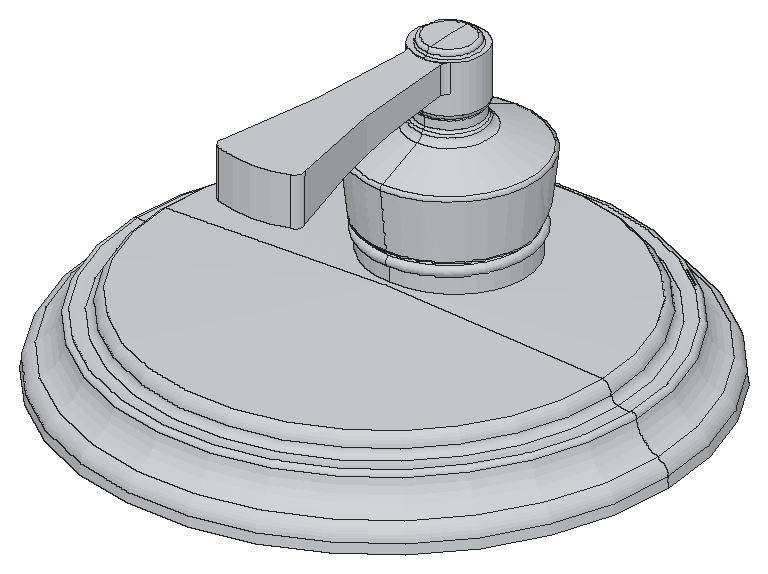
Revit family "Shower-Valve_Trim-KOHLER-ARCHER-K-8146T_1", category Specialty Equipment, host Face, Revit 2017
Family settings
  Host = Face
  Round Connector Dimension = Use Diameter
  Part Type = Normal
  OmniClass Number = 23.31.25.00
  OmniClass Title = Toilet and Bath Specialties
  Cut with Voids When Loaded = No
  Shared = No
  Room Calculation Point = No
Parameters (values of type "CP-Polished Chrome")
  Width = 7 11/32"  # constant formula
  WaterSense Certified = 1 = 0  # no
  URL = "http://www.kohler.com.cn/"
  Type = 1
  Product Page URL = "https://www.kohler.com.cn/product/K-8146T-4-CP/K-8146T-4-CP/"
  Product Name = "ARCHER"  # constant formula
  Product Documentation Link = "https://files.kohler.com.cn/pdfs/k_6220t_8146t.pdf"
  Model = if(Type = 1, "K-8146T-4-CP", if(Type = 2, "K-8146T-4-AF", if(Type = 3, "K-8146T-4-BN", if(Type = 4, "K-8146T-4-2BZ", "NA"))))  # "K-8146T-4-CP"
  Material = "Premium Metal Construction"  # constant formula
  Master Format 2014 Name = "Toilet, Bath, and Laundry Accessories"  # constant formula
  Master Format 2014 = "10 28 00"  # constant formula
  Manufacturer Address = "Kohler Beijing Office (100016) 36-2-03-B, No. 88, Liuxiang Road, Beijing"  # constant formula
  Manufacturer = "KOHLER Co."  # constant formula
  Length = 3 31/64"  # constant formula
  Height = 7.34252"  # constant formula
  Finish = Kohler-Metal-CP-Polished_Chrome
  Environmental Product Declaration = ""
  Description = "40mm in-wall  shower panel"  # constant formula
  Default Elevation = 42"
  Declare Label = ""
  Date Modified = "04/20/2021"  # constant formula
  Date Created = "04/20/2021"  # constant formula
  Copyright = "Copyright KOHLER Co."  # constant formula
  Contact Us = "http://www.kohler.com.cn/contact/contact-us/"
  Assembly Code = "C1030200"
  ADA Compliant = 1 = 0  # no
Types (5): name | Type | Product Page URL | Model | Finish
  (no name) | 1 | "https://www.kohler.com.cn/product/K-8146T-4-CP/K-8146T-4-CP/" | "K-8146T-4-CP" | Kohler-Metal-CP-Polished_Chrome
  CP-Polished Chrome | 1 | "https://www.kohler.com.cn/product/K-8146T-4-CP/K-8146T-4-CP/" | "K-8146T-4-CP" | Kohler-Metal-CP-Polished_Chrome
  AF-Flange Gold | 2 | "https://www.kohler.com.cn/product/K-8146T-4-CP/K-8146T-4-AF/" | "K-8146T-4-AF" | Kohler-Metal-AF-Flange_Gold
  BN-Roman Silver | 3 | "https://www.kohler.com.cn/product/K-8146T-4-CP/K-8146T-4-BN/" | "K-8146T-4-BN" | Kohler-Metal-BN-Roman_Silver
  2BZ-Elegant Black | 4 | "https://www.kohler.com.cn/product/K-8146T-4-CP/K-8146T-4-2BZ/" | "K-8146T-4-2BZ" | Kohler-Metal-2BZ-Elegant_Black
Reference planes (in)
  plane 1 "Center (Front/Back)": y = 0
  plane 2: z = 0
  plane 3 "Center (Left/Right)": x = 0
  plane 4: z = 3.48437
  plane 5: y = 2.62958
  plane 6: y = -4.71294
  plane 7: y = -3.21782
  plane 8: x = -3.67182
  plane 9: x = 3.67193
Dimensions and locks (in)
  "Length": plane 4 to level
  "Width": plane 8 to plane 9
  "Height": plane 6 to plane 5
  aligned and locked: plane 2 to host face
  aligned and locked: level to host face
Automatic sketch dimensions
  host sketch curve to host sketch curve = 96"  (x2)
Nested families (in)
  nested 1: "K-8146T" at (0, 0, 0), type "K-8146T"
Definition of nested family "K-8146T"
  Parameters (values of type "K-8146T")
    Material = none
  Reference planes (in)
    plane 1 "Center (Front/Back)": y = 0
    plane 2: z = 0
    plane 3 "Center (Left/Right)": x = 0
    plane 4: y = 2.62958
    plane 5: y = -2.55825
    plane 6: y = -4.7081
    plane 7: z = 3.48425
    plane 8: y = -3.21782
    plane 9: x = -3.67182
    plane 10: x = 3.67182
  Forms (in)
    Revolve 1, solid, material <- "Material", detail levels medium+fine
      sketch origin (0, -1.04577, 0) x (1, 0, 0) y (0, 0, 1)
        loop
          line (0, 0) -> (0, 1.0572) -> (-2.82479, 0.95856)
          arc (-2.82479, 0.95856) -> (-2.89344, 0.895) -> (-2.92631, 0.80741) r 0.20305
          arc (-2.92631, 0.80741) -> (-2.95595, 0.74502) -> (-3.01679, 0.71233) r 0.11076
          arc (-3.01679, 0.71233) -> (-3.09921, 0.70427) -> (-3.18188, 0.70918) r 0.52835
          arc (-3.18188, 0.70918) -> (-3.22893, 0.69693) -> (-3.25353, 0.65499) r 0.06352
          arc (-3.25353, 0.65499) -> (-3.34212, 0.44443) -> (-3.52374, 0.30586) r 0.44364
          arc (-3.52374, 0.30586) -> (-3.61887, 0.23135) -> (-3.66148, 0.11827) r 0.22406
          line (-3.66148, 0.11827) -> (-3.67182, 0) -> (0, 0)
        axis (0, 1.0572) -> (0, 0)
      angle from 0 to 360
    Revolve 2, solid, material <- "Material", detail levels medium+fine
      sketch origin (0, 0, 0) x (0, 1, 0) y (0, 0, 1)
        loop
          line (0, 0.95856) -> (0.95787, 0.95856) -> (0.95787, 1.24016)
          arc (0.95787, 1.24016) -> (1.01693, 1.29868) -> (0.95894, 1.35826) r 0.05906
          arc (0.95894, 1.35826) -> (0.92012, 1.37517) -> (0.90462, 1.41457) r 0.05533
          arc (0.90462, 1.41457) -> (0.8856, 1.61605) -> (0.82225, 1.80825) r 0.90438
          line (0.82225, 1.80825) -> (0, 1.80825) -> (0, 0.95856)
        axis (0, 1.80825) -> (0, 0.95856)
      angle from 0 to 360
    Revolve 3, solid, material <- "Material", detail levels medium+fine
      sketch origin (0, 0, 0) x (0, 1, 0) y (0, 0, 1)
        loop
          line (0, 1.41732) -> (0, 3.48425) -> (-0.29849, 3.48425)
          arc (-0.29849, 3.48425) -> (-0.33222, 3.46806) -> (-0.34067, 3.43161) r 0.04322
          arc (-0.34067, 3.43161) -> (-0.34487, 3.41354) -> (-0.36159, 3.40551) r 0.02143
          line (-0.36159, 3.40551) -> (-0.43249, 3.40551) -> (-0.43249, 2.79018)
          arc (-0.43249, 2.79018) -> (-0.42666, 2.76672) -> (-0.41051, 2.74874) r 0.05006
          arc (-0.41051, 2.74874) -> (-0.39807, 2.73489) -> (-0.39358, 2.71682) r 0.03855
          line (-0.39358, 2.71682) -> (-0.39358, 2.60976)
          arc (-0.39358, 2.60976) -> (-0.39967, 2.58734) -> (-0.41628, 2.57108) r 0.04431
          arc (-0.41628, 2.57108) -> (-0.43074, 2.5588) -> (-0.43946, 2.54194) r 0.04907
          arc (-0.43946, 2.54194) -> (-0.46626, 2.4934) -> (-0.51128, 2.46105) r 0.12608
          line (-0.51128, 2.46105) -> (-1.074, 2.22219)
          arc (-1.074, 2.22219) -> (-1.097, 2.20202) -> (-1.10349, 2.17212) r 0.04885
          line (-1.10349, 2.17212) -> (-1.02615, 1.43629)
          arc (-1.02615, 1.43629) -> (-1.01926, 1.42276) -> (-1.00508, 1.41732) r 0.02118
          line (-1.00508, 1.41732) -> (0, 1.41732)
        axis (0, 3.48425) -> (0, 1.41732)
      angle from 0 to 360
    Extrusion 4, void
      sketch origin (0, 0, 0) x (0, 1, 0) y (0, 0, 1)
        loop
          line (1.19974, 1.97677) -> (0, 1.41732) -> (1.19974, 1.41732) -> (1.19974, 1.97677)
      from -1.29278 to 1.49766
    Extrusion 5, solid, material <- "Material", detail levels medium+fine
      sketch origin (0, 0, 0) x (1, 0, 0) y (0, 1, 0)
        loop
          arc (0.27889, -0.33544) -> (0.00251, -0.42825) -> (-0.27387, -0.33544) r 0.45795
          arc (-0.27387, -0.33544) -> (-0.23731, -0.37989) -> (-0.2248, -0.43606) r 0.12381
          arc (-0.2248, -0.43606) -> (-0.31265, -1.72258) -> (-0.53582, -2.99264) r 12.19984
          arc (-0.53582, -2.99264) -> (-0.52271, -3.085) -> (-0.45102, -3.14469) r 0.12973
          arc (-0.45102, -3.14469) -> (0.00966, -3.21772) -> (0.46843, -3.1336) r 1.3842
          arc (0.46843, -3.1336) -> (0.53094, -3.0796) -> (0.54202, -2.99775) r 0.11666
          arc (0.54202, -2.99775) -> (0.31799, -1.72518) -> (0.22982, -0.43606) r 12.19984
          arc (0.22982, -0.43606) -> (0.24234, -0.37989) -> (0.27889, -0.33544) r 0.12381
      from 2.79167 to 3.40551
    Extrusion 6, void
      sketch origin (0, 0, -0.0123) x (0, 1, 0) y (0, 0, 1)
        loop
          arc (-0.33618, 3.06849) -> (-2.12251, 2.94018) -> (-3.89061, 2.65505) r 20.31554
          line (-3.89061, 2.65505) -> (-3.89061, 2.49522) -> (-0.33618, 2.49522) -> (-0.33618, 3.06849)
      from -0.56151 to 0.56151
    Revolve 7, solid, material <- "Material", detail levels coarse
      sketch origin (0, -1.08268, 0) x (1, 0, 0) y (0, 0, 1)
        loop
          line (0.00072, 0) -> (0.00072, 1.07882) -> (-3.67182, 1.07882) -> (-3.67182, 0) -> (0.00072, 0)
        axis (0.00072, 1.07882) -> (0.00072, 0)
      angle from 0 to 360
    Revolve 8, solid, material <- "Material", detail levels coarse
      sketch origin (0, 0, 0) x (0, 1, 0) y (0, 0, 1)
        loop
          line (0.00651, 1.07882) -> (0.00651, 3.52066) -> (-0.45503, 3.52066) -> (-0.45503, 2.59364) -> (-1.08268, 2.25992) -> (-1.08268, 1.07882) -> (0.00651, 1.07882)
        axis (0.00651, 3.52066) -> (0.00651, 1.07882)
      angle from 0 to 360
    Extrusion 9, solid, material <- "Material", detail levels coarse
      sketch origin (0, 0, 0) x (1, 0, 0) y (0, 1, 0)
        loop
          arc (0.56474, -3.09421) -> (0.3209, -1.74882) -> (0.22914, -0.3846) r 12.19984
          arc (0.22914, -0.3846) -> (0.00251, -0.42265) -> (-0.22412, -0.3846) r 0.69383
          arc (-0.22412, -0.3846) -> (-0.31636, -1.75274) -> (-0.56156, -3.1019) r 12.19984
          arc (-0.56156, -3.1019) -> (0.00241, -3.21779) -> (0.56474, -3.09421) r 1.3842
      from 2.88697 to 3.40551
  Cuts and joins
    Extrusion 6 cuts Extrusion 5
    joined: Revolve 2, Extrusion 5
    Extrusion 4 cuts Revolve 3
    joined: Revolve 1, Revolve 3
    joined: Revolve 7, Revolve 8, Extrusion 9
  Lines and regions (in)
    Masking region 1
      outline origin (0, 0, 0) x (0, 1, 0) y (0, 0, 1)
        loop
          line (-1.04577, 0) -> (2.62606, 0) -> (2.61545, 0.12122)
          arc (2.61545, 0.12122) -> (2.57385, 0.23165) -> (2.48095, 0.30443) r 0.21885
          arc (2.48095, 0.30443) -> (2.30176, 0.43877) -> (2.20961, 0.64289) r 0.44958
          arc (2.20961, 0.64289) -> (2.19192, 0.68932) -> (2.14684, 0.71021) r 0.06592
          line (2.14684, 0.71021) -> (1.99793, 0.71021)
          arc (1.99793, 0.71021) -> (1.91248, 0.7456) -> (1.87708, 0.83105) r 0.12084
          arc (1.87708, 0.83105) -> (1.84056, 0.90442) -> (1.77903, 0.95856) r 0.21287
          line (1.77903, 0.95856) -> (0.95856, 0.98721) -> (0.95856, 1.24)
          arc (0.95856, 1.24) -> (1.01707, 1.29412) -> (0.96885, 1.35758) r 0.05929
          arc (0.96885, 1.35758) -> (0.92488, 1.37071) -> (0.90431, 1.41173) r 0.05784
          arc (0.90431, 1.41173) -> (0.88799, 1.61184) -> (0.82816, 1.8035) r 0.9095
          line (0.82816, 1.8035) -> (1.07694, 1.91951) -> (1.10288, 2.16633)
          arc (1.10288, 2.16633) -> (1.09897, 2.19816) -> (1.07612, 2.22066) r 0.04872
          line (1.07612, 2.22066) -> (0.51371, 2.45939)
          arc (0.51371, 2.45939) -> (0.48322, 2.47759) -> (0.45876, 2.50334) r 0.13039
          arc (0.45876, 2.50334) -> (0.44796, 2.52126) -> (0.44016, 2.54067) r 0.13039
          arc (0.44016, 2.54067) -> (0.42753, 2.56299) -> (0.40678, 2.57808) r 0.06055
          arc (0.40678, 2.57808) -> (0.39715, 2.59287) -> (0.3938, 2.61021) r 0.04596
          line (0.3938, 2.61021) -> (0.3938, 2.71709)
          arc (0.3938, 2.71709) -> (0.39774, 2.73414) -> (0.40875, 2.74774) r 0.03889
          arc (0.40875, 2.74774) -> (0.42653, 2.76535) -> (0.43204, 2.78975) r 0.04464
          line (0.43204, 2.78975) -> (0.43204, 3.40551) -> (0.36095, 3.40551)
          arc (0.36095, 3.40551) -> (0.34515, 3.41298) -> (0.34042, 3.4298) r 0.02107
          arc (0.34042, 3.4298) -> (0.33359, 3.46644) -> (0.30086, 3.48425) r 0.04338
          line (0.30086, 3.48425) -> (0, 3.48425) -> (-0.30086, 3.48425)
          arc (-0.30086, 3.48425) -> (-0.33359, 3.46644) -> (-0.34042, 3.4298) r 0.04338
          arc (-0.34042, 3.4298) -> (-0.34515, 3.41298) -> (-0.36095, 3.40551) r 0.02107
          line (-0.36095, 3.40551) -> (-0.43249, 3.40551) -> (-3.21782, 3.40551) -> (-3.21782, 2.79167) -> (-3.0901, 2.79167)
          arc (-3.0901, 2.79167) -> (-1.76537, 2.96622) -> (-0.43204, 3.05331) r 20.31554
          line (-0.43204, 3.05331) -> (-0.43204, 2.78975)
          arc (-0.43204, 2.78975) -> (-0.42653, 2.76535) -> (-0.40875, 2.74774) r 0.04464
          arc (-0.40875, 2.74774) -> (-0.39774, 2.73414) -> (-0.3938, 2.71709) r 0.03889
          line (-0.3938, 2.71709) -> (-0.3938, 2.61021)
          arc (-0.3938, 2.61021) -> (-0.39715, 2.59287) -> (-0.40678, 2.57808) r 0.04596
          arc (-0.40678, 2.57808) -> (-0.42753, 2.56299) -> (-0.44016, 2.54067) r 0.06055
          arc (-0.44016, 2.54067) -> (-0.44796, 2.52126) -> (-0.45876, 2.50334) r 0.13039
          arc (-0.45876, 2.50334) -> (-0.48322, 2.47759) -> (-0.51371, 2.45939) r 0.13039
          line (-0.51371, 2.45939) -> (-1.07612, 2.22066)
          arc (-1.07612, 2.22066) -> (-1.09897, 2.19816) -> (-1.10288, 2.16633) r 0.04872
          line (-1.10288, 2.16633) -> (-1.02665, 1.44104)
          arc (-1.02665, 1.44104) -> (-1.01721, 1.42088) -> (-0.99523, 1.41736) r 0.02378
          line (-0.99523, 1.41736) -> (-0.90426, 1.41736)
          arc (-0.90426, 1.41736) -> (-0.92276, 1.37257) -> (-0.96885, 1.35758) r 0.05784
          arc (-0.96885, 1.35758) -> (-1.01707, 1.29412) -> (-0.95856, 1.24) r 0.05929
          line (-0.95856, 1.24) -> (-0.95856, 1.05468) -> (-2.16454, 1.01814) -> (-2.95197, 0.99064) -> (-3.87056, 0.95856)
          arc (-3.87056, 0.95856) -> (-3.9321, 0.90442) -> (-3.96862, 0.83105) r 0.21287
          arc (-3.96862, 0.83105) -> (-4.00401, 0.7456) -> (-4.08946, 0.71021) r 0.12084
          line (-4.08946, 0.71021) -> (-4.23837, 0.71021)
          arc (-4.23837, 0.71021) -> (-4.28345, 0.68932) -> (-4.30115, 0.64289) r 0.06592
          arc (-4.30115, 0.64289) -> (-4.3933, 0.43877) -> (-4.57249, 0.30443) r 0.44958
          arc (-4.57249, 0.30443) -> (-4.66539, 0.23165) -> (-4.70699, 0.12122) r 0.21885
          line (-4.70699, 0.12122) -> (-4.71759, 0) -> (-1.04577, 0)
    Masking region 2
      outline origin (0, 0, 0) x (1, 0, 0) y (0, 0, 1)
        loop
          line (-3.67182, 0) -> (3.67182, 0) -> (3.66462, 0.08229)
          arc (3.66462, 0.08229) -> (3.65632, 0.15021) -> (3.62955, 0.21318) r 0.24492
          arc (3.62955, 0.21318) -> (3.57966, 0.27154) -> (3.51352, 0.31054) r 0.23333
          arc (3.51352, 0.31054) -> (3.41864, 0.36775) -> (3.34018, 0.44597) r 0.46047
          arc (3.34018, 0.44597) -> (3.29366, 0.52016) -> (3.26384, 0.6025) r 0.41268
          arc (3.26384, 0.6025) -> (3.25805, 0.62879) -> (3.25357, 0.65534) r 0.54719
          arc (3.25357, 0.65534) -> (3.23312, 0.69364) -> (3.1929, 0.70996) r 0.06374
          line (3.1929, 0.70996) -> (3.0392, 0.70996)
          arc (3.0392, 0.70996) -> (2.97071, 0.73288) -> (2.9298, 0.7924) r 0.11381
          arc (2.9298, 0.7924) -> (2.89768, 0.88836) -> (2.82479, 0.95856) r 0.21232
          line (2.82479, 0.95856) -> (0.95888, 1.02372) -> (0.95888, 1.24016)
          arc (0.95888, 1.24016) -> (1.01631, 1.29321) -> (0.97116, 1.35705) r 0.05927
          arc (0.97116, 1.35705) -> (0.92394, 1.37191) -> (0.90422, 1.41732) r 0.05961
          line (0.90422, 1.41732) -> (1.0062, 1.41732)
          spline (1.0062, 1.41732) -> (1.00906, 1.41818) -> (1.01175, 1.41914) -> (1.01423, 1.42018) -> (1.01651, 1.42131) -> (1.01855, 1.42252) -> (1.02035, 1.42379) -> (1.0219, 1.42512) -> (1.02318, 1.4265) -> (1.02418, 1.42792) -> (1.02491, 1.42938) -> (1.02534, 1.43085) -> (1.02549, 1.43233)
          line (1.02549, 1.43233) -> (1.10235, 2.16367)
          arc (1.10235, 2.16367) -> (1.09908, 2.19909) -> (1.07235, 2.22255) r 0.04806
          line (1.07235, 2.22255) -> (0.51811, 2.45781)
          arc (0.51811, 2.45781) -> (0.47567, 2.48537) -> (0.44522, 2.52578) r 0.1457
          arc (0.44522, 2.52578) -> (0.43514, 2.55232) -> (0.415, 2.57232) r 0.06719
          arc (0.415, 2.57232) -> (0.40024, 2.5875) -> (0.39377, 2.60765) r 0.04637
          line (0.39377, 2.60765) -> (0.39377, 2.70918)
          arc (0.39377, 2.70918) -> (0.39526, 2.72941) -> (0.40712, 2.74587) r 0.03729
          arc (0.40712, 2.74587) -> (0.42617, 2.76525) -> (0.43251, 2.79167) r 0.05081
          line (0.43251, 2.79167) -> (0.52451, 2.79167)
          spline (0.52451, 2.79167) -> (0.52772, 2.7925) -> (0.53067, 2.79335) -> (0.53336, 2.79422) -> (0.53578, 2.7951) -> (0.53793, 2.79601) -> (0.53981, 2.79692) -> (0.5414, 2.79784) -> (0.54271, 2.79878) -> (0.54373, 2.79972) -> (0.54445, 2.80066) -> (0.54489, 2.80161) -> (0.54502, 2.80255)
          line (0.54502, 2.80255) -> (0.54502, 3.40551) -> (0.36121, 3.40551)
          arc (0.36121, 3.40551) -> (0.34453, 3.41424) -> (0.34074, 3.43267) r 0.02196
          arc (0.34074, 3.43267) -> (0.33264, 3.46881) -> (0.29897, 3.48425) r 0.0417
          line (0.29897, 3.48425) -> (0, 3.48425) -> (-0.29897, 3.48425)
          arc (-0.29897, 3.48425) -> (-0.33264, 3.46881) -> (-0.34074, 3.43267) r 0.0417
          arc (-0.34074, 3.43267) -> (-0.34453, 3.41424) -> (-0.36121, 3.40551) r 0.02196
          line (-0.36121, 3.40551) -> (-0.54502, 3.40551) -> (-0.54502, 2.80255)
          spline (-0.54502, 2.80255) -> (-0.54489, 2.80161) -> (-0.54445, 2.80066) -> (-0.54373, 2.79972) -> (-0.54271, 2.79878) -> (-0.5414, 2.79784) -> (-0.53981, 2.79692) -> (-0.53793, 2.79601) -> (-0.53578, 2.7951) -> (-0.53336, 2.79422) -> (-0.53067, 2.79335) -> (-0.52772, 2.7925) -> (-0.52451, 2.79167)
          line (-0.52451, 2.79167) -> (-0.43251, 2.79167)
          arc (-0.43251, 2.79167) -> (-0.42617, 2.76525) -> (-0.40712, 2.74587) r 0.05081
          arc (-0.40712, 2.74587) -> (-0.39526, 2.72941) -> (-0.39377, 2.70918) r 0.03729
          line (-0.39377, 2.70918) -> (-0.39377, 2.60765)
          arc (-0.39377, 2.60765) -> (-0.40024, 2.5875) -> (-0.415, 2.57232) r 0.04637
          arc (-0.415, 2.57232) -> (-0.43514, 2.55232) -> (-0.44522, 2.52578) r 0.06719
          arc (-0.44522, 2.52578) -> (-0.47567, 2.48537) -> (-0.51811, 2.45781) r 0.1457
          line (-0.51811, 2.45781) -> (-1.07235, 2.22255)
          arc (-1.07235, 2.22255) -> (-1.09908, 2.19909) -> (-1.10235, 2.16367) r 0.04806
          line (-1.10235, 2.16367) -> (-1.02549, 1.43233)
          spline (-1.02549, 1.43233) -> (-1.02534, 1.43085) -> (-1.02491, 1.42938) -> (-1.02418, 1.42792) -> (-1.02318, 1.4265) -> (-1.0219, 1.42512) -> (-1.02035, 1.42379) -> (-1.01855, 1.42252) -> (-1.01651, 1.42131) -> (-1.01423, 1.42018) -> (-1.01175, 1.41914) -> (-1.00906, 1.41818) -> (-1.0062, 1.41732)
          line (-1.0062, 1.41732) -> (-0.90422, 1.41732)
          arc (-0.90422, 1.41732) -> (-0.92394, 1.37191) -> (-0.97116, 1.35705) r 0.05961
          arc (-0.97116, 1.35705) -> (-1.01631, 1.29321) -> (-0.95888, 1.24016) r 0.05927
          line (-0.95888, 1.24016) -> (-0.95888, 1.02372) -> (-2.82479, 0.95856)
          arc (-2.82479, 0.95856) -> (-2.89768, 0.88836) -> (-2.9298, 0.7924) r 0.21232
          arc (-2.9298, 0.7924) -> (-2.97071, 0.73288) -> (-3.0392, 0.70996) r 0.11381
          line (-3.0392, 0.70996) -> (-3.1929, 0.70996)
          arc (-3.1929, 0.70996) -> (-3.23312, 0.69364) -> (-3.25357, 0.65534) r 0.06374
          arc (-3.25357, 0.65534) -> (-3.25805, 0.62879) -> (-3.26384, 0.6025) r 0.54719
          arc (-3.26384, 0.6025) -> (-3.29366, 0.52016) -> (-3.34018, 0.44597) r 0.41268
          arc (-3.34018, 0.44597) -> (-3.41864, 0.36775) -> (-3.51352, 0.31054) r 0.46047
          arc (-3.51352, 0.31054) -> (-3.57966, 0.27154) -> (-3.62955, 0.21318) r 0.23333
          arc (-3.62955, 0.21318) -> (-3.65632, 0.15021) -> (-3.66462, 0.08229) r 0.24492
          line (-3.66462, 0.08229) -> (-3.67182, 0)
    Masking region 3
      outline origin (0, 0, 0) x (1, 0, 0) y (0, 1, 0)
        loop
          circle (0, -1.04577) r 3.67182
    symbolic lines, detail levels medium+fine
      curve 1: arc (-2.82479, -1.04577, 0) -> (0, -3.87056, 0) -> (2.82479, -1.04577, 0) r 2.82479
      curve 2: arc (2.82479, -1.04577, 0) -> (0, 1.77903, 0) -> (-2.82479, -1.04577, 0) r 2.82479
      curve 3: arc (2.82479, -1.04577, 0) -> (0, 1.77903, 0) -> (-2.82479, -1.04577, 0) r 2.82479
      curve 4: arc (-0.26149, -0.34449, 0) -> (-0.4099, 0.13795, 0) -> (0, 0.43249, 0) r 0.43249
      curve 5: arc (0, 0.43249, 0) -> (0.42007, 0.10292, 0) -> (0.19993, -0.38351, 0) r 0.43249
      curve 6: arc (0.22213, -0.43606, 0) -> (0.23741, -0.37455, 0) -> (0.28113, -0.32866, 0) r 0.12381
      curve 7: arc (0.22213, -0.43606, 0) -> (0.26947, -1.33898, 0) -> (0.38354, -2.23592, 0) r 12.19984
      curve 8: arc (0.38354, -2.23592, 0) -> (0.45703, -2.63905, 0) -> (0.54399, -3.03949, 0) r 12.22894
      curve 9: arc (0.46843, -3.1336, 0) -> (0.51933, -3.09707, 0) -> (0.54399, -3.03949, 0) r 0.11666
      curve 10: arc (-0.46887, -3.13851, 0) -> (0.00021, -3.2178, 0) -> (0.46843, -3.1336, 0) r 1.3842
      curve 11: arc (-0.23055, -0.47909, 0) -> (-0.2791, -1.36041, 0) -> (-0.39123, -2.23592, 0) r 12.19984
      curve 12: arc (-0.39123, -2.23592, 0) -> (-0.46091, -2.61986, 0) -> (-0.5428, -3.00137, 0) r 12.22894
      curve 13: arc (-0.46728, -3.13401, 0) -> (-0.52974, -3.08175, 0) -> (-0.5428, -3.00137, 0) r 0.11666
      curve 14: arc (0.19993, -0.38351, 0) -> (-0.03608, -0.42662, 0) -> (-0.26149, -0.34449, 0) r 0.45795
      curve 15: arc (-0.23055, -0.47909, 0) -> (-0.22857, -0.39471, 0) -> (-0.28113, -0.32866, 0) r 0.12381
      curve 16: circle (0, 0, 0) r 0.34789 normal (0, 0, 1)
      curve 17: line (0, 1.99793, 0.71021) -> (0, -4.08946, 0.71021)
      curve 18: line (0, 2.48095, 0.30443) -> (0, -4.57249, 0.30443)
      curve 19: line (0, 2.61545, 0.12122) -> (0, -4.70699, 0.12122)
      curve 20: line (0, 1.77903, 0.95856) -> (0, -3.69501, 0.95856)
      curve 21: line (0, 0.95856, 0.98721) -> (0, -0.95856, 1.05468)
      curve 22: line (0, 1.07694, 1.91951) -> (0, 0, 1.41732)
      curve 23: line (0, -0.95787, 1.24016) -> (0, 0.95787, 1.24016)
      curve 24: line (0, 0, 1.41732) -> (0, -0.90426, 1.41732)
      curve 25: line (0, 0.44016, 2.54067) -> (0, -0.44016, 2.54067)
      curve 26: line (0, 0.3938, 2.61021) -> (0, -0.3938, 2.61021)
      curve 27: line (0, 0.3938, 2.71709) -> (0, -0.3938, 2.71709)
      curve 28: line (0, 0.36095, 3.40551) -> (0, -0.37044, 3.40551)
      curve 29: line (0, -0.43606, 3.05321) -> (0, -0.43606, 3.40586)
      curve 30: line (2.82479, 0, 0.95856) -> (-2.82479, 0, 0.95856)
      curve 31: line (0.95888, 0, 1.02372) -> (0, 0, 1.0572)
      curve 32: line (-0.95888, 0, 1.02372) -> (0, 0, 1.0572)
      curve 33: line (0.95787, 0, 1.24016) -> (-0.95888, 0, 1.24016)
      curve 34: line (0.39377, 0, 2.61995) -> (-0.39377, 0, 2.61995)
      curve 35: line (0.39377, 0, 2.70918) -> (-0.39377, 0, 2.70918)
      curve 36: line (0.415, 0, 2.57232) -> (-0.415, 0, 2.57232)
      curve 37: line (0.36121, 0, 3.40551) -> (-0.36121, 0, 3.40551)
      curve 38: line (3.0392, 0, 0.70996) -> (-3.0392, 0, 0.70996)
      curve 39: line (3.65632, 0, 0.15021) -> (-3.65632, 0, 0.15021)
      curve 40: line (3.51352, 0, 0.31054) -> (-3.51352, 0, 0.31054)
      curve 41: arc (0.24897, -1.07931, 0) -> (0.00389, 1.10765, 0) -> (-0.25654, -1.07754, 0) r 1.10765
      curve 42: circle (0, -1.04577, 0) r 3.38583 normal (0, 0, 1)
      curve 43: circle (0, -1.04577, 0) r 3.14961 normal (0, 0, 1)
      curve 44: spline (1.01949, 0, 1.43644) -> (1.01878, 0, 1.4965) -> (0.99952, 0, 1.556) -> (0.96201, 0, 1.61393) -> (0.90692, 0, 1.66929) -> (0.83518, 0, 1.72113) -> (0.74802, 0, 1.76857) -> (0.64694, 0, 1.81078) -> (0.53367, 0, 1.84705) -> (0.41016, 0, 1.87675) -> (0.27852, 0, 1.89938) -> (0.14101, 0, 1.91454) -> (0, 0, 1.92197)
      curve 45: spline (0, 0, 1.92197) -> (-0.14101, 0, 1.91454) -> (-0.27852, 0, 1.89938) -> (-0.41016, 0, 1.87675) -> (-0.53367, 0, 1.84705) -> (-0.64694, 0, 1.81078) -> (-0.74802, 0, 1.76857) -> (-0.83518, 0, 1.72113) -> (-0.90692, 0, 1.66929) -> (-0.96201, 0, 1.61393) -> (-0.99952, 0, 1.556) -> (-1.01878, 0, 1.4965) -> (-1.01949, 0, 1.43644)
      curve 46: arc (0.64802, 0, 1.71021) -> (0.3277, 0, 1.7836) -> (0, 0, 1.80825) r 2.19057
      curve 47: arc (0.90422, 0, 1.41732) -> (0.81758, 0, 1.60003) -> (0.64802, 0, 1.71021) r 0.37115
      curve 48: arc (-0.64802, 0, 1.71021) -> (-0.3277, 0, 1.7836) -> (0, 0, 1.80825) r 2.19057
      curve 49: arc (-0.90422, 0, 1.41732) -> (-0.81758, 0, 1.60003) -> (-0.64802, 0, 1.71021) r 0.37115
      curve 50: line (0.43228, 0, 2.79167) -> (0.43228, 0, 3.40551)
      curve 51: line (0.43228, 0, 2.88357) -> (0.54202, 0, 2.80673)
      curve 52: line (-0.43228, 0, 2.79671) -> (-0.43228, 0, 3.40551)
      curve 53: line (-0.43228, 0, 2.88357) -> (-0.54202, 0, 2.80673)
  Dimensions and locks (in)
    plane 1 "Center (Front/Back)" to plane 5 = 2.55825"
    plane 9 to plane 10 = 7.34365"
    aligned and locked: level to plane 2
